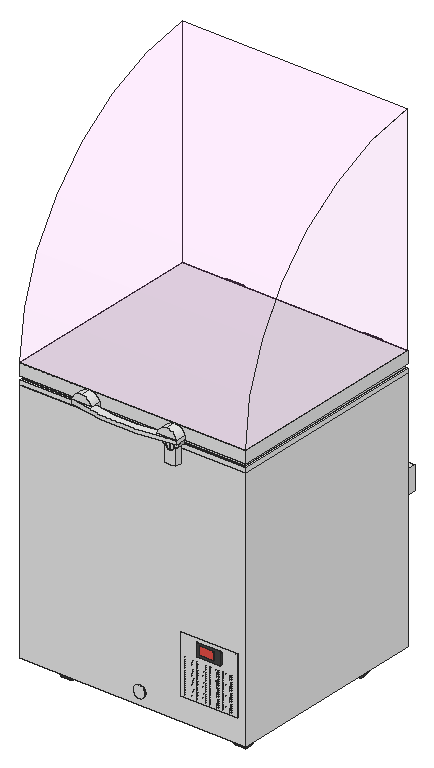
Revit family "QF_Summit_LAB11_Chest_Freezer", category Specialty Equipment, Revit 2020 (continued)
Definition of nested family "LAB11"
  Automatic sketch dimensions
    Extrusion 82 sketch curve to Extrusion 82 sketch curve = 0.04379"
    Extrusion 83 sketch curve to Extrusion 83 sketch curve = 1 3/32"
    Extrusion 83 sketch curve to Extrusion 83 sketch curve = 0.04379"
    plane 1 "BACK" to Extrusion 84 sketch curve = 0"
    Extrusion 84 sketch curve to Extrusion 84 sketch curve = 3.30059"
    plane 1 "BACK" to Extrusion 1 sketch curve = 2.21084"
    plane 1 "BACK" to Sweep 3 sketch curve = 2.21084"
    Extrusion 5 sketch curve to Extrusion 5 sketch curve = 1.63494"  (x2)
    Extrusion 84 sketch curve to Extrusion 84 sketch curve = 2.21084"
    Extrusion 1 sketch curve to plane 5 "FRONT" = 2.03916"
    Sweep 3 sketch curve to plane 5 "FRONT" = 2.03916"
    plane 3 "LEFT" to Extrusion 5 sketch curve = 4.52583"
    plane 4 "RIGHT" to Extrusion 5 sketch curve = 6.55252"
    plane 4 "RIGHT" to Extrusion 84 sketch curve = 0.95672"
    Extrusion 85 sketch curve to Extrusion 85 sketch curve = 0"  (x4)
    Extrusion 85 sketch curve to Extrusion 1 = 0"  (x4)
    Extrusion 85 sketch curve to Extrusion 1 = 7.65894"
    Extrusion 1 to Extrusion 85 sketch curve = 0.17249"  (x2)
    Extrusion 85 sketch curve to Extrusion 85 sketch curve = 1 1/4"  (x3)
    Extrusion 85 sketch curve to Extrusion 85 sketch curve = 8.30712"
    Extrusion 1 to Extrusion 85 sketch curve = 1/2"
    Extrusion 86 sketch curve to Extrusion 1 = 0"
    Extrusion 86 sketch curve to Extrusion 1 = 7.65894"
    Extrusion 86 sketch curve to Extrusion 1 = 0.77943"
    Extrusion 86 sketch curve to Extrusion 86 sketch curve = 0.51113"
    Extrusion 1 to Extrusion 86 sketch curve = 0.226"
    Extrusion 86 sketch curve to Extrusion 86 sketch curve = 0.05554"
    Extrusion 86 sketch curve to Extrusion 86 sketch curve = 0.77868"
    Extrusion 86 sketch curve to Extrusion 86 sketch curve = 0.11102"
    Extrusion 86 sketch curve to Extrusion 86 sketch curve = 1.4778"
    Extrusion 86 sketch curve to Extrusion 86 sketch curve = 0.51108"
    Extrusion 86 sketch curve to Extrusion 86 sketch curve = 0"
    Extrusion 86 sketch curve to Extrusion 86 sketch curve = 0.49458"
    Extrusion 86 sketch curve to Extrusion 86 sketch curve = 0.02823"
    Extrusion 86 sketch curve to Extrusion 86 sketch curve = 2.03972"
    Extrusion 87 sketch curve to Extrusion 87 sketch curve = 0.07036"
    Extrusion 87 sketch curve to Extrusion 87 sketch curve = 0.14072"
    Extrusion 87 sketch curve to Extrusion 86 = 0.33854"
    Extrusion 87 sketch curve to Extrusion 87 sketch curve = 0.41162"
    Extrusion 88 sketch curve to Extrusion 85 = 0"  (x3)
    Extrusion 85 to Extrusion 88 sketch curve = 0"
    Extrusion 88 sketch curve to Extrusion 85 = 0.62123"  (x2)
    Extrusion 85 to Extrusion 88 sketch curve = 4.15356"
    Extrusion 85 to Extrusion 88 sketch curve = 12.78639"
    Extrusion 88 sketch curve to Extrusion 88 sketch curve = 13.35357"
    Extrusion 88 sketch curve to Extrusion 85 = 6.65356"
    Extrusion 4 to Extrusion 89 sketch curve = 1.53863"
    Extrusion 89 sketch curve to Extrusion 4 = 13.37185"
    Extrusion 90 sketch curve to Extrusion 4 = 2.04204"
    Extrusion 4 to Extrusion 90 sketch curve = 2.06541"
    Extrusion 6 sketch curve to plane 6 "TOP" = 0"
    Extrusion 6 sketch curve to plane 5 "FRONT" = 2.03916"
    Extrusion 6 sketch curve to plane 9 = 0.00007"
    plane 1 "BACK" to Extrusion 6 sketch curve = 2.21084"
    Extrusion 6 sketch curve to plane 1 "BACK" = 0.44208"
    curve 16 to plane 3 "LEFT" = 0"
    plane 1 "BACK" to curve 7 = 0"
    curve 18 to plane 4 "RIGHT" = 0"
    plane 1 "BACK" to curve 3 = 0.5759"
    plane 3 "LEFT" to curve 3 = 4.52583"
    curve 1 to curve 2 = 2.02668"
    curve 20 to plane 5 "FRONT" = 0.7967"
    curve 20 to plane 7 "Center Y" = 6.71606"
    curve 10 to curve 20 = 2 1/2"
    curve 15 to plane 7 "Center Y" = 1/16"
    curve 12 to plane 7 "Center Y" = 1/16"
    plane 1 "BACK" to curve 5 = 0.5759"
    plane 4 "RIGHT" to curve 5 = 6.55252"
    curve 4 to curve 5 = 2.02668"
    curve 5 to curve 7 = 0.26852"
    plane 4 "RIGHT" to curve 8 = 0.95672"
    curve 19 to plane 5 "FRONT" = 2.03916"
    curve 12 to plane 8 "Center X" = 0.17446"
    plane 1 "BACK" to curve 18 = 2.21084"
    plane 1 "BACK" to curve 15 = 1.82089"
    curve 21 to plane 5 "FRONT" = 0.7967"
    curve 21 to curve 14 = 2 1/2"
    curve 13 to curve 12 = 0.62123"
    radius of Extrusion 86 sketch curve = 1/2"
    radius of Extrusion 87 sketch curve to Extrusion 86 = 0"
    radius of Extrusion 89 sketch curve = 3/4"
    radius of Extrusion 90 sketch curve = 0.34875"
  Nested families (in)
    nested 1: "2.5 INCHES_CASTER" at (3.25, -25, 0), type "2.5 INCHES_CASTER"
      with Type Mark "", Specification by User "", Revision Code "", Item Number "", Installed By "", Identify Quantity as Lot yes, Furnished By "", Foodservice Equipment Identifier yes, 2.5 Inches Caster yes
    nested 2: "2.5 INCHES_CASTER" at (25.25, -25, 0), type "2.5 INCHES_CASTER"
      with Type Mark "", Specification by User "", Revision Code "", Item Number "", Installed By "", Identify Quantity as Lot yes, Furnished By "", Foodservice Equipment Identifier yes, 2.5 Inches Caster yes
    nested 3: "2.5 INCHES_CASTER" at (3.25, -6.75, 0), type "2.5 INCHES_CASTER"
      with Type Mark "", Specification by User "", Revision Code "", Item Number "", Installed By "", Identify Quantity as Lot yes, Furnished By "", Foodservice Equipment Identifier yes, 2.5 Inches Caster yes
    nested 4: "2.5 INCHES_CASTER" at (25.25, -6.75, 0), type "2.5 INCHES_CASTER"
      with Type Mark "", Specification by User "", Revision Code "", Item Number "", Installed By "", Identify Quantity as Lot yes, Furnished By "", Foodservice Equipment Identifier yes, 2.5 Inches Caster yes
  Definition of nested family "2.5 INCHES_CASTER"
    Parameters (values of type "2.5 INCHES_CASTER")
      Weight = ""
      URL Manufacturer = ""
      URL Cutsheet = ""
      URL = ""
      Type Mark [instance] = ""
      Specification by User [instance] = ""
      Specification by Manufacturer = ""
      Serial Number = ""
      Seismic Rating = ""
      SMACNA No = ""
      Revision Code [instance] = ""
      Omniclass Number and Title = ""
      NAFEM Spec ID Number = ""
      Model = ""
      MasterSpec. = ""
      Manufacturer = ""
      Item Number [instance] = ""
      Installed By [instance] = ""
      Identify Quantity as Lot [instance] = yes
      Furnished By [instance] = ""
      Foodservice Equipment Identifier [instance] = yes
      Description = ""
      Default Elevation = 0"
      CSI MasterFormat = ""
      CSI Master Format = ""
      Assembly Code = ""
      2.5 Inches Caster [instance] = yes
    Reference planes (in)
      plane 1: z = 0
      plane 2 "RIGHT": x = 0
      plane 3 "FRONT": y = 0
      plane 4 "TOP": z = 2.75
    Forms (in)
      Revolve 1, solid, visible <- "2.5 Inches Caster"
        sketch origin (-1.93794, 0.83816, -1.0041) x (1, 0, 0) y (0, 0, 1)
          loop
            line (0.74055, 1.92597) -> (0.74055, 1.85047) -> (0.79055, 1.80047) -> (0.85055, 1.80047) -> (0.85055, 1.6804) -> (1.235, 1.6804) -> (1.235, 1.61305) -> (1.38673, 1.52545) -> (1.4003, 1.4416) -> (1.34375, 1.4416) -> (1.34375, 1.3166) -> (1.375, 1.3166) -> (1.375, 1.0041) -> (2.48438, 1.0041) -> (2.48438, 1.3166) -> (2.51563, 1.3166) -> (2.51563, 1.4416) -> (2.45908, 1.4416) -> (2.47322, 1.52897) -> (2.62438, 1.61624) -> (2.62438, 1.6804) -> (3.04007, 1.6804) -> (3.04007, 1.80047) -> (3.10007, 1.80047) -> (3.15007, 1.85047) -> (3.15007, 1.92597) -> (0.74055, 1.92597)
          axis (0.74055, 1.92597) -> (3.15007, 1.92597)
        angle from 0 to 360
      Extrusion 2, solid, visible <- "2.5 Inches Caster"
        sketch origin (-1.93794, 1.80294, -3.2541) x (0, 1, 0) y (0, 0, 1)
          loop
            line (-0.64294, 5.43229) -> (-0.64294, 5.55298) -> (-2.21294, 5.55298) -> (-2.21294, 5.30272) -> (-1.81966, 5.30272)
            arc (-1.81966, 5.30272) -> (-1.13638, 5.20789) -> (-0.46376, 5.05475) r 8.02767
            arc (-0.46376, 5.05475) -> (-0.19511, 4.95469) -> (0.05138, 4.80832) r 1.60049
            line (0.05138, 4.80832) -> (0.12713, 4.91318)
            arc (0.12713, 4.91318) -> (-0.07255, 5.06376) -> (-0.29048, 5.18644) r 1.8753
            line (-0.29048, 5.18644) -> (-0.22239, 5.30423)
            arc (-0.22239, 5.30423) -> (-0.42776, 5.38437) -> (-0.64294, 5.43229) r 1.44292
        from 1.17357 to 2.70231
      Revolve 3, solid, visible <- "2.5 Inches Caster"
        sketch origin (0, 2.10856, -3.75) x (0, 1, 0) y (0, 0, 1)
          loop
            line (-1.73858, 6.5) -> (-1.73858, 6.04889) -> (-1.05793, 6.04889) -> (-1.05793, 6.5) -> (-1.73858, 6.5)
          axis (-1.73858, 6.04889) -> (-1.73858, 6.5)
        angle from 0 to 360
      Extrusion 4, solid, visible <- "2.5 Inches Caster"
        sketch origin (-1.98481, 1.80294, -1.7541) x (0, 1, 0) y (0, 0, 1)
          loop
            line (-2.21294, 4.05298) -> (-2.21294, 3.80272) -> (-2.13999, 3.80272)
            arc (-2.13999, 3.80272) -> (-1.62379, 3.51899) -> (-1.39241, 2.97729) r 0.90292
            arc (-1.39241, 2.97729) -> (-1.36136, 2.78161) -> (-1.29729, 2.59413) r 1.15385
            arc (-1.29729, 2.59413) -> (-0.94802, 2.37355) -> (-0.6121, 2.61396) r 0.37001
            arc (-0.6121, 2.61396) -> (-0.59625, 2.66241) -> (-0.58446, 2.712) r 0.61695
            arc (-0.58446, 2.712) -> (-0.36134, 3.11665) -> (0.05609, 3.31484) r 0.75313
            line (0.05609, 3.31484) -> (0.12713, 3.41318)
            arc (0.12713, 3.41318) -> (-0.07255, 3.56376) -> (-0.29048, 3.68644) r 1.8753
            line (-0.29048, 3.68644) -> (-0.22239, 3.80423)
            arc (-0.22239, 3.80423) -> (-0.42776, 3.88437) -> (-0.64294, 3.93229) r 1.44292
            line (-0.64294, 3.93229) -> (-0.64294, 4.05298) -> (-2.21294, 4.05298)
        from 2.74918 to 2.90825
      Extrusion 5, solid, visible <- "2.5 Inches Caster"
        sketch origin (1.98481, 1.80294, -1.7541) x (0, 1, 0) y (0, 0, -1)
          loop
            line (-2.21294, -4.05298) -> (-0.64294, -4.05298) -> (-0.64294, -3.93229)
            arc (-0.64294, -3.93229) -> (-0.42776, -3.88437) -> (-0.22239, -3.80423) r 1.44292
            line (-0.22239, -3.80423) -> (-0.29048, -3.68644)
            arc (-0.29048, -3.68644) -> (-0.07255, -3.56376) -> (0.12713, -3.41318) r 1.8753
            line (0.12713, -3.41318) -> (0.05609, -3.31484)
            arc (0.05609, -3.31484) -> (-0.36134, -3.11665) -> (-0.58446, -2.712) r 0.75313
            arc (-0.58446, -2.712) -> (-0.59625, -2.66241) -> (-0.6121, -2.61396) r 0.61695
            arc (-0.6121, -2.61396) -> (-0.94802, -2.37355) -> (-1.29729, -2.59413) r 0.37001
            arc (-1.29729, -2.59413) -> (-1.36136, -2.78161) -> (-1.39241, -2.97729) r 1.15385
            arc (-1.39241, -2.97729) -> (-1.62379, -3.51899) -> (-2.13999, -3.80272) r 0.90292
            line (-2.13999, -3.80272) -> (-2.21294, -3.80272) -> (-2.21294, -4.05298)
        from 2.74918 to 2.90825
    Lines and regions (in)
      symbolic lines, visible <- "2.5 Inches Caster"
        curve 1: line (0.10651, 1.96132, 0) -> (0.80944, 1.55548, 0)
        curve 2: line (-0.89349, 0.22927, 0) -> (0.10651, 1.96132, 0)
        curve 3: line (-0.19056, -0.17657, 0) -> (-0.89349, 0.22927, 0)
        curve 4: line (0.80944, 1.55548, 0) -> (-0.19056, -0.17657, 0)
    Dimensions and locks (in)
      plane 4 "TOP" to level = 2 3/4"  (x2)
      aligned and locked: level to plane 1
